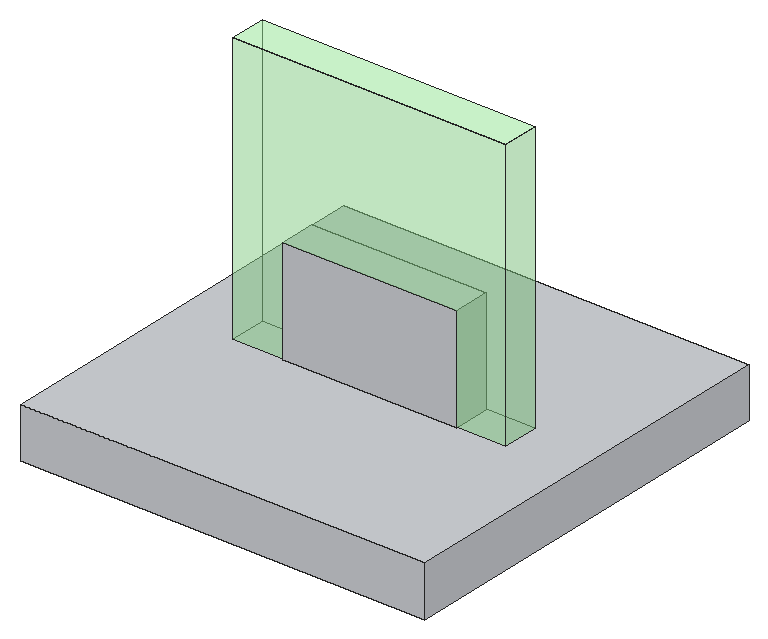
Revit family "BC_Hitachi_RPF-FSN2E-1.0-2.5_LOD200", category Equipement de génie climatique, Revit 2016
Family settings
  Hôte = Face
  Type d'élément = Normal
  Cote de connecteur circulaire = Utiliser le diamètre
  Numéro OmniClass = 23.75.00.00
  Titre OmniClass = Climate Control (HVAC)
  Couper avec des vides une fois chargée = Non
  Partagée = Non
  Point de calcul de pièce = Non
Parameters (values of type "RPF FSN2E 1.0")
  Usage Current = 5 A
  Sound power max (dB(A)) = 57
  Acoustic Pressure Level Medium (dB) = 32
  Refrigerant = "R410A (factory-charged corrosion-proof nitrogen)"
  Product Code = "7E450001"
  Overall Width = 1045.00 mm
  Overall Height = 630.00 mm
  Overall Depth = 220.00 mm
  Outlet Diameter = 20.00 mm
  Number of Poles = "1"
  Nominal Voltage = 230 V
  Minimum Air Flow = 6000.0 L/min
  Minimum AC Voltage = 207 V
  Maximum Air Flow = 8500.0 L/min
  Maximum AC Voltage = 253 V
  Mass = 25.00 kg
  Operation and service space [instance] = yes
  Model = "RPF - FSN2E - Floor type"
  Void width = 157.00 mm
  Liquid Diameter = 6.35 mm
  Heating Capacity = 2.8 kW
  Gas Diameter = 12.70 mm
  Frequency = 50 Hz
  Fan motor input = 20 W
  Fabricant = "HITACHI"
  Default Elevation = 1219.20 mm
  Description = "RPF - FSN2E - Floor type"
  Cooling Capacity = 2.5 kW
  Commentaires du type = "RPF FSN2E 1.0"
  Color = "Spring white (4.1Y8.5/0.7)"
  Air Flow (HiH/Hi/Me/low) m3/min = "8.5/7/6"
  Acoustic Pressure Level Mini (dB) = 29
  Acoustic Pressure Level Maxi (dB) = 35
Types (4, lengths in mm): name | Sound power max (dB(A)) | Acoustic Pressure Level Medium (dB) | Product Code | Overall Width | Minimum Air Flow | Maximum Air Flow | Mass | Liquid Diameter | Heating Capacity | Gas Diameter | Fan motor input | Cooling Capacity | Commentaires du type | Air Flow (HiH/Hi/Me/low) m3/min | Acoustic Pressure Level Mini (dB) | Acoustic Pressure Level Maxi (dB)
  RPF FSN2E 1.0 | 57 | 32 | "7E450001" | 1045.00 | 6000.0 L/min | 8500.0 L/min | 25.00 kg | 6.35 | 2.8 kW | 12.70 | 20 W | 2.5 kW | "RPF FSN2E 1.0" | "8.5/7/6" | 29 | 35
  RPF FSN2E 2.5 | 60 | 38 | "7E450004" | 1420.00 | 11000.0 L/min | 16000.0 L/min | 34.00 kg | 9.52 | 6.3 kW | 15.88 | 45 W | 5.6 kW | "RPF FSN2E 2.5" | "16/14/11" | 34 | 42
  RPF FSN2E 2.0 | 60 | 36 | "7E450003" | 1420.00 | 11000.0 L/min | 16000.0 L/min | 33.00 kg | 6.35 | 5.6 kW | 15.88 | 45 W | 5 kW | "RPF FSN2E 2.0" | "16/14/11" | 32 | 39
  RPF FSN2E 1.5 | 60 | 35 | "7E450002" | 1170.00 | 6000.0 L/min | 8500.0 L/min | 28.00 kg | 6.35 | 4 kW | 12.70 | 28 W | 3.6 kW | "RPF FSN2E 1.5" | "8.5/7/6" | 31 | 38
Reference planes
  plane 1 "Centre (avant/arrière)": y = 0
  plane 2: z = 0
  plane 3 "Centre (gauche/droite)": x = 0
  plane 4 "AVANT": y = 110
  plane 5 "DROITE": x = 522.5
  plane 6 "GAUCHE": x = -522.5
  plane 7 "ARRIERE": y = -110
  plane 8: z = -285
  plane 9 "AVANT FACADE": y = 522.5
  plane 10 "ARRIER FACADE": y = -522.5
  plane 11 "GAUCHE FACADE": x = -310
  plane 12 "DROIT FACADE": x = 332.5
  plane 13 "Facade": z = 630
  plane 14: x = 359.5
  plane 15: x = 366.5
  plane 16: x = 340.5
  plane 17: y = 78.5
  plane 18: y = -78.5
  plane 19 "L1": z = 1630
  plane 20 "B": x = 822.5
  plane 21 "A": x = -822.5
Forms (mm)
  Extrusion 1, solid
    sketch origin (0, 0, 0) x (1, 0, 0) y (0, 1, 0)
      loop
        line (-1219.2, 1219.2) -> (-1219.2, -1219.2) -> (1219.2, -1219.2) -> (1219.2, 1219.2) -> (-1219.2, 1219.2)
    from 0 to -304.8
  Extrusion 2, solid
    sketch origin (0, 0, 0) x (1, 0, 0) y (0, 1, 0)
      loop
        line (-522.5, -110) -> (522.5, -110) -> (522.5, 110) -> (-522.5, 110) -> (-522.5, -110)
    from 0 to 630
  Extrusion 3, void
    sketch origin (0, 110, 0) x (-1, 0, 0) y (0, 0, 1)
      loop
        line (-332.5, 20) -> (-332.5, 604.963) -> (-510.476, 604.963) -> (-510.476, 20) -> (-332.5, 20)
    from -188.5 to -31.5
  Extrusion 4, solid
    sketch origin (332.5, 0, 0) x (0, 1, 0) y (0, 0, 1)
      loop
        circle (58, 529) r 3.175
    from 0 to 27
  Extrusion 5, solid
    sketch origin (332.5, 0, -90) x (0, 1, 0) y (0, 0, 1)
      loop
        circle (-23, 478) r 6.35
    from 0 to 34
  Extrusion 6, solid
    sketch origin (332.5, 0, -210) x (0, 1, 0) y (0, 0, 1)
      loop
        circle (-24, 476) r 10
    from 0 to 8
  Extrusion 7, solid, material "Operation and service space", visible <- "Operation and service space"
    sketch origin (0, 0, 0) x (1, 0, 0) y (0, 1, 0)
      loop
        line (-822.5, 110) -> (-822.5, -110) -> (822.5, -110) -> (822.5, 110) -> (-822.5, 110)
    from 0 to 1630
Cuts and joins
  Extrusion 3 cuts Extrusion 2
Lines and regions (mm)
  model lines, style "MechanicalEquipmentHiddenLines", visible <- "Operation and service space"
    curve 1: line (-822.5, 110, 1630) -> (822.5, 110, 1630)
    curve 2: line (-822.5, 110, 0) -> (-822.5, 110, 1630)
    curve 3: line (822.5, 110, 0) -> (-822.5, 110, 0)
    curve 4: line (822.5, 110, 1630) -> (822.5, 110, 0)
    curve 5: line (-822.5, -110, 1630) -> (822.5, -110, 1630)
    curve 6: line (-822.5, -110, 0) -> (-822.5, -110, 1630)
    curve 7: line (822.5, -110, 0) -> (-822.5, -110, 0)
    curve 8: line (822.5, -110, 1630) -> (822.5, -110, 0)
    curve 9: line (-822.5, -110, 1630) -> (-822.5, 110, 1630)
    curve 10: line (-822.5, -110, 0) -> (-822.5, 110, 0)
    curve 11: line (822.5, -110, 0) -> (822.5, 110, 0)
    curve 12: line (822.5, -110, 1630) -> (822.5, 110, 1630)
Dimensions and locks
  equal spacing: plane 6 "GAUCHE", plane 3 "Centre (gauche/droite)", plane 5 "DROITE"
  equal spacing: plane 7 "ARRIERE", plane 1 "Centre (avant/arrière)", plane 4 "AVANT"
  "Overall Width": plane 6 "GAUCHE" to plane 5 "DROITE"
  "Overall Depth": plane 4 "AVANT" to plane 7 "ARRIERE"
  "Overall Height": plane 13 "Facade" to plane 2
  plane 12 "DROIT FACADE" to plane 5 "DROITE" = 190.00 mm
  Extrusion 4 sketch curve to plane 4 "AVANT" = 52.00 mm
  Extrusion 4 sketch curve to plane 2 = 529.00 mm
  Extrusion 5 sketch curve to plane 2 = 388.00 mm
  Extrusion 5 sketch curve to plane 4 "AVANT" = 133.00 mm
  Extrusion 6 sketch curve to plane 2 = 266.00 mm
  Extrusion 6 sketch curve to plane 4 "AVANT" = 134.00 mm
  plane 14 to plane 5 "DROITE" = 163.00 mm
  plane 15 to plane 5 "DROITE" = 156.00 mm
  plane 16 to plane 5 "DROITE" = 182.00 mm
  "Void width": plane 17 to plane 18
  equal spacing: plane 18, plane 1 "Centre (avant/arrière)", plane 17
  equal spacing: plane 20 "B", plane 3 "Centre (gauche/droite)", plane 21 "A"
  locked: plane 6 "GAUCHE" to plane 21 "A" at 300
  locked: plane 19 "L1" to plane 13 "Facade" at 1000
  "Liquid Diameter": diameter of Extrusion 4 sketch curve
  "Gas Diameter": diameter of Extrusion 5 sketch curve
  "Outlet Diameter": diameter of Extrusion 6 sketch curve
  aligned and locked: plane 2 to Extrusion 1
  aligned and locked: level to Extrusion 1
  aligned and locked: Extrusion 2 sketch curve to plane 6 "GAUCHE"
  aligned and locked: Extrusion 2 sketch curve to plane 7 "ARRIERE"
  aligned and locked: Extrusion 2 sketch curve to plane 5 "DROITE"
  aligned and locked: Extrusion 2 to plane 13 "Facade"
  aligned and locked: plane 12 "DROIT FACADE" to Extrusion 3 sketch curve
  aligned and locked: plane 14 to Extrusion 4
  aligned and locked: plane 15 to Extrusion 5
  aligned and locked: plane 16 to Extrusion 6
  aligned and locked: plane 17 to Extrusion 3
  aligned and locked: plane 18 to Extrusion 3
  aligned and locked: plane 19 "L1" to curve 1
  aligned and locked: curve 2 to plane 21 "A"
  aligned and locked: curve 3 to level
  aligned and locked: plane 20 "B" to curve 4
  aligned and locked: Extrusion 7 sketch curve to curve 3
  aligned and locked: Extrusion 7 sketch curve to curve 10
  aligned and locked: Extrusion 7 sketch curve to cut or joined group of Extrusion 2, Extrusion 3
  aligned and locked: plane 19 "L1" to Extrusion 7
  aligned and locked: Extrusion 7 sketch curve to plane 20 "B"
Automatic sketch dimensions
  Extrusion 1 sketch curve to Extrusion 1 sketch curve = 2438.40 mm  (x2)
  Extrusion 2 sketch curve to plane 4 "AVANT" = 0.00 mm
  Extrusion 3 sketch curve to plane 5 "DROITE" = 12.024 mm
  level to Extrusion 3 sketch curve = 20.00 mm
  Extrusion 3 sketch curve to plane 13 "Facade" = 25.037 mm
  curve 7 to level = 0.00 mm
  curve 5 to plane 21 "A" = 0.00 mm
  curve 8 to plane 20 "B" = 0.00 mm
  curve 6 to plane 19 "L1" = 0.00 mm
  curve 10 to level = 0.00 mm
  curve 9 to plane 4 "AVANT" = 0.00 mm
  curve 9 to plane 19 "L1" = 0.00 mm
  curve 10 to plane 4 "AVANT" = 0.00 mm
  curve 10 to plane 7 "ARRIERE" = 0.00 mm
  curve 9 to plane 7 "ARRIERE" = 0.00 mm
  curve 11 to level = 0.00 mm
  curve 12 to plane 4 "AVANT" = 0.00 mm
  curve 12 to plane 19 "L1" = 0.00 mm
  curve 11 to plane 4 "AVANT" = 0.00 mm
  curve 12 to plane 7 "ARRIERE" = 0.00 mm
  curve 11 to plane 7 "ARRIERE" = 0.00 mm
Connectors
  piping at (359.5, 58, 529), diameter 6.35, driven by "Liquid Diameter"
    settings: on Extrusion 4, index 1, connector inside diameter 609.6 mm, connector length 0.00 mm, flow factor 0, pipe flow 0.0 L/s, pressure drop 0.0 Pa, fitting loss kfactor 0, connector angle 0.00°, fixture units 0, engagement length 0.00 mm, angle of deflection 0.00°, flow configuration 0, flow direction 0, fitting loss method 0, system type 29, joint type 0, gender type 0, connector reference index -1, connector utility 0, adjustable connector no, is connector primary yes, connector description ""
  piping at (366.5, -23, 388), diameter 12.7, driven by "Gas Diameter"
    settings: on Extrusion 5, index 2, connector inside diameter 609.6 mm, connector length 0.00 mm, flow factor 0, pipe flow 0.0 L/s, pressure drop 0.0 Pa, fitting loss kfactor 0, connector angle 0.00°, fixture units 0, engagement length 0.00 mm, angle of deflection 0.00°, flow configuration 0, flow direction 0, fitting loss method 0, system type 29, joint type 0, gender type 0, connector reference index -1, connector utility 0, adjustable connector no, is connector primary no, connector description ""
  piping at (340.5, -24, 266), diameter 20, driven by "Outlet Diameter"
    settings: on Extrusion 6, index 3, connector inside diameter 609.6 mm, connector length 0.00 mm, flow factor 0, pipe flow 0.0 L/s, pressure drop 0.0 Pa, fitting loss kfactor 0, connector angle 0.00°, fixture units 0, engagement length 0.00 mm, angle of deflection 0.00°, flow configuration 0, flow direction 0, fitting loss method 0, system type 16, joint type 0, gender type 0, connector reference index -1, connector utility 0, adjustable connector no, is connector primary no, connector description ""
  electrical at (-522.5, 0, 315), driven by "Nominal Voltage"
    settings: on cut or joined group of Extrusion 2, Extrusion 3, index 4, voltage 230 V, apparent load 0 VA, apparent load phase1 0 VA, apparent load phase2 0 VA, apparent load phase3 0 VA, power factor 1, load classification "Autre", number of poles 1, system type 30, power factor state 1, is connector primary yes, connector utility no, sub classification motor no, connector description ""
